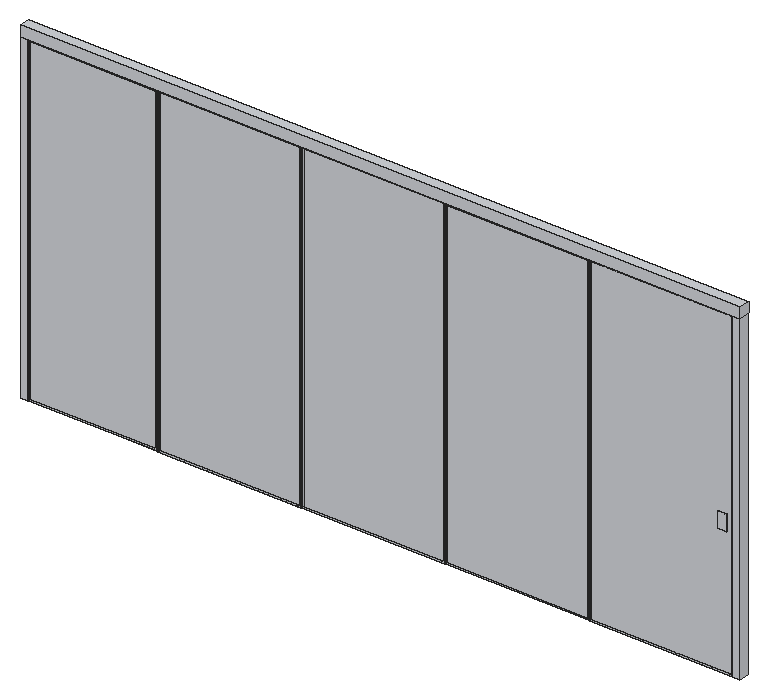
Revit family "WINAB Folding Wall Excentric With Door", category Specialty Equipment, Revit 2019
Family settings
  Round Connector Dimension = Use Diameter
  Part Type = Normal
  Work Plane-Based = No
  Always vertical = Yes
  Cut with Voids When Loaded = No
  Shared = No
  Room Calculation Point = No
Parameters
  Wall Opening Length [instance] = 6000 mm
  Wall Frame = none
  URL = "https://www.winab.se/en/folding-walls-2/"
  Top Frame Height [instance] = 84 mm
  Start Panel Width [instance] = CC Start Panel - 6.5 mm  # 1075.9 mm
  Single Panel [instance] = and(Closed Folding Wall, Panels in Array < 2)  # no
  Show Floor Rail [instance] = Open Folding Wall  # no
  Parked Panels Array Calc [instance] = if(Parked Panels Array < 2, 2, Parked Panels Array)  # 4
  Parked Panels Array [instance] = if(OK Custom Door Panel, [#Panels (Min 3)] - 2, [#Panels (Min 3)] - 1)  # 4
  Parked Custom Door Distance [instance] = Parked Panels Array Calc * 100 mm  # 400 mm
  Parked Custom Door [instance] = and(OK Custom Door Panel, Open Folding Wall)  # no
  Panels in Array [instance] = [#Panels (Min 3)] - 2  # 3
  Panels Calc [instance] = if(Panels in Array < 2, 2, Panels in Array)  # 3
  Panel Width [instance] = CC Panel - 6.5 mm  # 1192.9 mm
  Panel Mtrl Secondary Side = none
  Panel Height [instance] = Folding Wall Height  # 2700 mm
  Panel Frame = none
  Panel Depth [instance] = 80 mm
  Panel Mtrl Primary Side = none
  Open Folding Wall [instance] = no
  OK Custom Door Panel [instance] = and(Door Swing Possible, [Custom Door Panel (Req Odd number panels)])  # no
  Model = "Bottom Roller"
  Manufacturer = "WINAB"  # constant formula
  Jamb Width [instance] = 60 mm  # constant formula
  Even number of Panels [instance] = not(Door Swing Possible)  # no
  Door Swing Possible [instance] = (Panels Calc / 2) - (rounddown(Panels Calc / 2)) > 0  # yes
  Door Handle Mtrl = none
  Custom Door Width (Max 1000 mm) [instance] = 900 mm
  Custom Door Panel (Req Odd number panels) [instance] = no
  Closed Folding Wall [instance] = not(Open Folding Wall)  # yes
  Calc Door Width [instance] = if(OK Custom Door Panel, ([Custom Door Width (Max 1000 mm)] - 6.5 mm), Panel Width)  # 1192.9 mm
  Array Panels [instance] = and(Closed Folding Wall, Panels in Array > 1)  # yes
  CC Start Panel [instance] = CC Panel - 117 mm  # 1082.4 mm
  CC Panel [instance] = if(OK Custom Door Panel, (Folding Wall Length + 117 mm - [Custom Door Width (Max 1000 mm)]) / (Panels in Array + 1), (Folding Wall Length + 117 mm) / (Panels in Array + 2))  # 1199.4 mm
  Folding Wall Length [instance] = Wall Opening Length - (2 * Jamb Width)  # 5880 mm
  Folding Wall Height [instance] = 2700 mm
  Array Length [instance] = if(OK Custom Door Panel, Folding Wall Length + 117 mm - ([Custom Door Width (Max 1000 mm)] + CC Panel), Folding Wall Length + 117 mm - (2 * CC Panel))  # 3598.2 mm
  #Panels (Min 3) [instance] = 5
Reference planes
  plane 1 "Center (Front/Back)": y = 0
  plane 2: z = 0
  plane 3 "Center (Left/Right)": x = 0
  plane 4: x = 1199.4
  plane 5: x = 599.7
  plane 6: x = 1799.1
  plane 7: x = 2398.8
  plane 8: x = -1082.4
  plane 9: x = -541.2
  plane 10: x = 3598.2
  plane 11: x = 4797.6
  plane 12: y = 429
  plane 13 "FWTop": z = 2700
  plane 14: x = 1857.6
  plane 15 "Left": x = -1142.4
  plane 16 "Right": x = 4857.6
  plane 17: x = -942.4
  plane 18: x = -842.4
  plane 19: x = 4197.9
  plane 20: y = -44
  plane 21: y = -1119.9
  plane 22: y = 73
  plane 23: x = -542.4
  plane 24 "Top": z = 2784
  plane 25: y = -44
  plane 26: y = 44
Forms (mm)
  Extrusion 1, solid, material <- "Wall Frame"
    sketch origin (-1142.4, 0, 0) x (0, 1, 0) y (0, 0, 1)
      loop
        line (45, 2784) -> (-45, 2784) -> (-45, 2700) -> (45, 2700) -> (45, 2784)
    from 0 to 6000 <- "Wall Opening Length"
  Sweep 2, solid, material <- "Wall Frame"
    path origin (-50, 0, 0) x (1, 0, 0) y (0, 0, 1)
      loop
        line (-1092.4, 0) -> (-1092.4, 2700)
    profile "WINAB BW End profile : WINAB BW End profile" origin (-1142.4, 0, 1350) x (-1, 0, 0) y (0, -1, 0)
      loop
        line (-60, 44) -> (-60, 13.66) -> (-45, 5) -> (-45, -5) -> (-60, -13.66) -> (-60, -44) -> (0, -44) -> (0, 44) -> (-60, 44)
  Sweep 3, solid, material <- "Wall Frame"
    path origin (3850, 0, 0) x (-1, 0, 0) y (0, 0, 1)
      loop
        line (-1007.6, 0) -> (-1007.6, 2700)
    profile "WINAB BW End profile : WINAB BW End profile" origin (4857.6, 0, 1350) x (-1, 0, 0) y (0, -1, 0)
      loop
        line (60, 44) -> (0, 44) -> (0, -44) -> (60, -44) -> (60, -13.66) -> (45, -5) -> (45, 5) -> (60, 13.66) -> (60, 44)
Lines and regions (mm)
  Masking region 1
    outline origin (0, 0, 2700) x (-1, 0, 0) y (0, -1, 0)
      loop
        line (-4797.6, -44) -> (-4797.6, -13.66) -> (-4812.6, -5) -> (-4812.6, 5) -> (-4797.6, 13.66) -> (-4797.6, 44) -> (-4857.6, 44) -> (-4857.6, -44) -> (-4797.6, -44)
  Masking region 2
    outline origin (3715.2, 0, 2700) x (0, -1, 0) y (1, 0, 0)
      loop
        line (-44, -4797.6) -> (-44, -4857.6) -> (44, -4857.6) -> (44, -4797.6) -> (13.66, -4797.6) -> (5, -4812.6) -> (-5, -4812.6) -> (-13.66, -4797.6) -> (-44, -4797.6)
  symbolic lines, style "WINAB Overhead", visible <- "Open Folding Wall"
    curve 1: line (-1082.4, 48.75, 2700) -> (4797.6, 48.75, 2700)
    curve 2: line (-1082.4, -48.75, 2700) -> (4797.6, -48.75, 2700)
  model lines, style "SpecialityEquipmentHiddenLines", visible <- "Show Floor Rail"
    curve 3: line (-1082.4, 49, 0) -> (4797.6, 49, 0)
    curve 4: line (-1082.4, -49, 0) -> (4797.6, -49, 0)
Dimensions and locks
  equal spacing: plane 3 "Center (Left/Right)", plane 5, plane 4
  "CC Panel": plane 3 "Center (Left/Right)" to plane 4
  equal spacing: plane 4, plane 6, plane 7
  "CC Panel": plane 4 to plane 7
  equal spacing: plane 8, plane 9, plane 3 "Center (Left/Right)"
  "CC Start Panel": plane 8 to plane 3 "Center (Left/Right)"
  "Array Length": plane 3 "Center (Left/Right)" to plane 10
  equal spacing: group 1, group 2, group 5  (x3)
  "Folding Wall Length": plane 8 to plane 11
  equal spacing: group 3, group 4, group 6, group 7  (x3)
  equal spacing: plane 8, plane 14, plane 11
  equal spacing: plane 15 "Left", plane 14, plane 16 "Right"
  "Wall Opening Length": plane 15 "Left" to plane 16 "Right"
  equal spacing: curve 2, plane 1 "Center (Front/Back)", curve 1
  locked: curve 2 to curve 1 at 97.5
  locked: plane 8 to plane 17 at 140
  locked: plane 17 to plane 18 at 100
  equal spacing: plane 10, plane 19, plane 11
  "Folding Wall Height": plane 13 "FWTop" to plane 2
  equal spacing: curve 4, plane 1 "Center (Front/Back)", curve 3
  locked: curve 4 to curve 3 at 98
  locked: plane 20 to plane 1 "Center (Front/Back)" at 44
  "Start Panel Width": plane 20 to plane 21
  "Panel Width": plane 22 to plane 21
  "Parked Custom Door Distance": plane 17 to plane 23
  "Top Frame Height": plane 24 "Top" to plane 13 "FWTop"
  equal spacing: plane 26, plane 1 "Center (Front/Back)", plane 25
  locked: plane 26 to plane 25 at 88
  aligned and locked: level to plane 2
  aligned and locked: plane 5 to nested 1
  aligned and locked: plane 1 "Center (Front/Back)" to nested 1
  aligned and locked: plane 1 "Center (Front/Back)" to nested 2
  aligned and locked: plane 6 to nested 2
  aligned and locked: plane 9 to nested 3
  aligned and locked: plane 1 "Center (Front/Back)" to nested 3
  aligned and locked: plane 5 to nested 4
  aligned and locked: plane 1 "Center (Front/Back)" to nested 4
  aligned and locked: plane 13 "FWTop" to Extrusion 1 sketch curve
  aligned and locked: plane 8 to curve 1
  aligned and locked: Sweep 2 to plane 15 "Left"
  aligned and locked: plane 16 "Right" to Sweep 3
  aligned and locked: plane 11 to curve 1
  aligned and locked: nested 5 to plane 8
  aligned and locked: plane 11 to curve 2
  aligned and locked: nested 6 to plane 17
  aligned and locked: nested 7 to plane 18
  aligned and locked: nested 8 to plane 19
  aligned and locked: plane 1 "Center (Front/Back)" to nested 8
  aligned and locked: plane 8 to curve 4
  aligned and locked: plane 11 to curve 4
  aligned and locked: plane 11 to curve 3
  aligned and locked: plane 8 to curve 3
  aligned and locked: plane 20 to nested 5
  aligned and locked: nested 6 to plane 21
  aligned and locked: nested 7 to plane 21
  aligned and locked: nested 9 to plane 22
  aligned and locked: plane 23 to nested 9
  aligned and locked: Extrusion 1 sketch curve to plane 24 "Top"
  aligned and locked: plane 26 to Masking region 1 sketch curve
  aligned and locked: Masking region 1 sketch curve to plane 25
  aligned and locked: Masking region 1 sketch curve to plane 16 "Right"
  aligned and locked: Masking region 1 sketch curve to plane 11
  aligned and locked: Masking region 1 sketch curve to Sweep 3  (x3)
  aligned and locked: Masking region 2 sketch curve to plane 15 "Left"
  aligned and locked: Masking region 2 sketch curve to plane 8  (x2)
  aligned and locked: plane 25 to Masking region 2 sketch curve
  aligned and locked: plane 26 to Masking region 2 sketch curve
Automatic sketch dimensions
  curve 2 to plane 8 = 0 mm
  Extrusion 1 sketch curve to plane 20 = 1 mm
  Extrusion 1 sketch curve to plane 26 = 1 mm
  Sweep 2 sketch curve to plane 13 "FWTop" = 0 mm
  Sweep 2 sketch curve to plane 15 "Left" = 0 mm
  Sweep 2 sketch curve to level = 0 mm
  Sweep 3 sketch curve to plane 13 "FWTop" = 0 mm
  Sweep 3 sketch curve to plane 16 "Right" = 0 mm
  Sweep 3 sketch curve to level = 0 mm
  Masking region 1 sketch curve to plane 11 = 0 mm
  Masking region 2 sketch curve to plane 1 "Center (Front/Back)" = 13.66 mm
  Masking region 2 sketch curve to plane 1 "Center (Front/Back)" = 5 mm
  plane 1 "Center (Front/Back)" to Masking region 2 sketch curve = 5 mm
  plane 1 "Center (Front/Back)" to Masking region 2 sketch curve = 13.66 mm
  Masking region 2 sketch curve to plane 8 = 15 mm
Nested families
  nested 1: "WINAB Panel Standard" at (599.7, 0, 0), Panel Width <- "Panel Width", Panel Height <- "Panel Height", visible <- "Array Panels", Panel Depth <- "Panel Depth", type "WINAB Panel Standard1"
    with Panel Width 1192.9 mm, Panel Height 2700 mm, Panel Depth 80 mm
  nested 2: "WINAB Panel Standard" at (1799.1, 0, 0), Panel Width <- "Panel Width", Panel Height <- "Panel Height", visible <- "Array Panels", Panel Depth <- "Panel Depth", type "WINAB Panel Standard1"
    with Panel Width 1192.9 mm, Panel Height 2700 mm, Panel Depth 80 mm
  nested 3: "WINAB Panel Standard" at (-541.2, 0, 0), Panel Width <- "Start Panel Width", Panel Height <- "Panel Height", visible <- "Closed Folding Wall", Panel Depth <- "Panel Depth", type "WINAB Panel Standard1"
    with Panel Width 1075.9 mm, Panel Height 2700 mm, Panel Depth 80 mm
  nested 4: "WINAB Panel Standard" at (599.7, 0, 0), visible <- "Single Panel", Panel Width <- "Panel Width", Panel Height <- "Panel Height", Panel Depth <- "Panel Depth", type "WINAB Panel Single"
    with Panel Width 1192.9 mm, Panel Height 2700 mm, Panel Depth 80 mm
  nested 5: "WINAB Panel Standard" at (-1042.4, -581.95, 0) x (0, 1, 0) z (0, 0, 1), Panel Width <- "Start Panel Width", Panel Height <- "Panel Height", visible <- "Open Folding Wall", Panel Depth <- "Panel Depth", type "WINAB Panel Standard1"
    with Panel Width 1075.9 mm, Panel Height 2700 mm, Panel Depth 80 mm
  nested 6: "WINAB Panel Standard" at (-942.4, -523.45, 0) x (0, 1, 0) z (0, 0, 1), Panel Height <- "Panel Height", Panel Width <- "Panel Width", visible <- "Open Folding Wall", Panel Depth <- "Panel Depth", type "WINAB Panel Standard1"
    with Panel Width 1192.9 mm, Panel Height 2700 mm, Panel Depth 80 mm
  nested 7: "WINAB Panel Standard" at (-842.4, -523.45, 0) x (0, 1, 0) z (0, 0, 1), Panel Height <- "Panel Height", Panel Width <- "Panel Width", visible <- "Open Folding Wall", Panel Depth <- "Panel Depth", type "WINAB Panel Standard1"
    with Panel Width 1192.9 mm, Panel Height 2700 mm, Panel Depth 80 mm
  nested 8: "WINAB Folding Wall Excentric Panel Door" at (4197.9, 0, 0), Panel Width <- "Calc Door Width", Panel Depth <- "Panel Depth", Panel Height <- "Panel Height", visible <- "Closed Folding Wall", Flip In Out <- "Even number of Panels", Left <- "Door Swing Possible", type "WINAB Folding Wall Excentric Panel Door"
    with Panel Width 1192.9 mm, Panel Height 2700 mm, Panel Depth 80 mm, Outside Left yes, Outside yes, Left yes, Inside Left no, Inside no, Flip In Out no
  nested 9: "WINAB Panel Standard" at (-542.4, -375, 0) x (0, 1, 0) z (0, 0, 1), visible <- "Parked Custom Door", Panel Height <- "Panel Height", Panel Depth <- "Panel Depth", Panel Width <- "Custom Door Width (Max 1000 mm)", type "WINAB Panel Standard1"
    with Panel Width 900 mm, Panel Height 2700 mm, Panel Depth 80 mm
  nested 10: "WINAB Panel Standard" at (2998.5, 0, 0), Panel Width <- "Panel Width", Panel Height <- "Panel Height", visible <- "Array Panels", Panel Depth <- "Panel Depth", type "WINAB Panel Standard1"
    with Panel Width 1192.9 mm, Panel Height 2700 mm, Panel Depth 80 mm
  nested 11: "WINAB Panel Standard" at (-742.4, -523.45, 0) x (0, 1, 0) z (0, 0, 1), Panel Height <- "Panel Height", Panel Width <- "Panel Width", visible <- "Open Folding Wall", Panel Depth <- "Panel Depth", type "WINAB Panel Standard1"
    with Panel Width 1192.9 mm, Panel Height 2700 mm, Panel Depth 80 mm
  nested 12: "WINAB Panel Standard" at (-642.4, -523.45, 0) x (0, 1, 0) z (0, 0, 1), Panel Height <- "Panel Height", Panel Width <- "Panel Width", visible <- "Open Folding Wall", Panel Depth <- "Panel Depth", type "WINAB Panel Standard1"
    with Panel Width 1192.9 mm, Panel Height 2700 mm, Panel Depth 80 mm
Definition of nested family "WINAB Panel Standard"
  Parameters (values of type "WINAB Panel Standard1")
    Panel Width [instance] = 900 mm
    Panel Mtrl Secondary Side = none
    Panel Mtrl Primary Side = none
    Panel Height [instance] = 2000 mm
    Panel Frame = none
    Panel Depth [instance] = 80 mm
  Types (2): name
    WINAB Panel Single
    WINAB Panel Standard1
  Reference planes
    plane 1 "Center (Front/Back)": y = 0
    plane 2: z = 0
    plane 3 "Center (Left/Right)": x = 0
    plane 4 "Front": y = 40
    plane 5 "Back": y = -40
    plane 6: x = -450
    plane 7: x = 450
    plane 8: z = 2000
    plane 9: y = 38
    plane 10: y = -38
  Forms (mm)
    Sweep 1, solid, material <- "Panel Frame"
      path origin (0, 0, 0) x (1, 0, 0) y (0, 0, 1)
        loop
          line (-450, 2000) -> (-450, 0) -> (450, 0) -> (450, 2000) -> (-450, 2000)
      profile origin (0, 0, 2000) x (0, 0, 1) y (0, -1, 0)
        loop
          line (-10, -40) -> (0, -40) -> (0, 40) -> (-10, 40) -> (-10, 38) -> (-2, 38) -> (-2, -38) -> (-10, -38) -> (-10, -40)
    Extrusion 2, solid, material <- "Panel Mtrl Primary Side"
      sketch origin (0, 0, 0) x (1, 0, 0) y (0, 0, 1)
        loop
          line (-448, 1998) -> (-448, 2) -> (446, 2) -> (446, 1998) -> (-448, 1998)
      from 0 to 38
    Extrusion 3, solid, material <- "Panel Mtrl Secondary Side"
      sketch origin (0, 0, 0) x (1, 0, 0) y (0, 0, 1)
        loop
          line (-448, 1998) -> (-448, 2) -> (446, 2) -> (446, 1998) -> (-448, 1998)
      from -38 to 0
  Lines and regions (mm)
    Masking region 1
      outline origin (0, 0, 0) x (1, 0, 0) y (0, 1, 0)
        loop
          line (-450, 40) -> (-450, -40) -> (450, -40) -> (450, 40) -> (-450, 40)
  Dimensions and locks
    equal spacing: plane 4 "Front", plane 1 "Center (Front/Back)", plane 5 "Back"
    "Panel Depth": plane 4 "Front" to plane 5 "Back"
    equal spacing: plane 6, plane 3 "Center (Left/Right)", plane 7
    "Panel Width": plane 6 to plane 7
    "Panel Height": plane 8 to plane 2
    locked: plane 4 "Front" to plane 9 at 2
    locked: plane 10 to plane 5 "Back" at 2
    aligned and locked: level to plane 2
    aligned and locked: Sweep 1 sketch curve to plane 7
    aligned and locked: plane 2 to Sweep 1 sketch curve
    aligned and locked: plane 6 to Sweep 1 sketch curve
    aligned and locked: Sweep 1 sketch curve to plane 8
    aligned and locked: Sweep 1 sketch curve to plane 4 "Front"
    aligned and locked: plane 5 "Back" to Sweep 1 sketch curve
    aligned and locked: profile plane to Sweep 1 sketch curve
    aligned and locked: Extrusion 2 to plane 1 "Center (Front/Back)"
    aligned and locked: plane 10 to Extrusion 2
    aligned and locked: plane 1 "Center (Front/Back)" to Extrusion 3
    aligned and locked: Extrusion 3 to plane 9
    aligned and locked: plane 5 "Back" to Masking region 1 sketch curve
    aligned and locked: Masking region 1 sketch curve to plane 4 "Front"
    aligned and locked: plane 6 to Masking region 1 sketch curve
    aligned and locked: Masking region 1 sketch curve to plane 7
  Automatic sketch dimensions
    profile plane to Sweep 1 sketch curve = 2 mm
    Sweep 1 sketch curve to Sweep 1 sketch curve = 8 mm  (x2)
    Sweep 1 sketch curve to Sweep 1 sketch curve = 2 mm  (x2)
    plane 6 to Extrusion 2 sketch curve = 2 mm
    level to Extrusion 2 sketch curve = 2 mm
    Extrusion 2 sketch curve to plane 7 = 4 mm
    Extrusion 2 sketch curve to plane 8 = 2 mm
    plane 6 to Extrusion 3 sketch curve = 2 mm
    level to Extrusion 3 sketch curve = 2 mm
    Extrusion 3 sketch curve to plane 7 = 4 mm
    Extrusion 3 sketch curve to plane 8 = 2 mm
Definition of nested family "WINAB Folding Wall Excentric Panel Door"
  Parameters (values of type "WINAB Folding Wall Excentric Panel Door")
    Panel Width [instance] = 1200 mm
    Panel Mtrl Secondary Side = none
    Panel Mtrl Primary Side = none
    Panel Height [instance] = 2700 mm
    Panel Frame = none
    Panel Depth [instance] = 80 mm
    Outside Left [instance] = and(Outside, Left)  # yes
    Outside [instance] = not(Inside)  # yes
    Left [instance] = yes
    Inside Left [instance] = and(Inside, Left)  # no
    Inside [instance] = Flip In Out  # no
    Flip In Out [instance] = no
    Door Handle Mtrl = none
  Reference planes
    plane 1 "Center (Front/Back)": y = 0
    plane 2: z = 0
    plane 3 "Center (Left/Right)": x = 0
    plane 4 "Front": y = 40
    plane 5 "Back": y = -40
    plane 6: x = -600
    plane 7: x = 600
    plane 8: z = 2700
    plane 9: y = 38
    plane 10: y = -38
    plane 11: z = 1350
    plane 12: x = 520
  Forms (mm)
    Sweep 1, solid, material <- "Panel Frame"
      path origin (0, 0, 0) x (1, 0, 0) y (0, 0, 1)
        loop
          line (-600, 2700) -> (-600, 0) -> (600, 0) -> (600, 2700) -> (-600, 2700)
      profile origin (0, 0, 2700) x (0, 0, 1) y (0, -1, 0)
        loop
          line (-10, -40) -> (0, -40) -> (0, 40) -> (-10, 40) -> (-10, 38) -> (-2, 38) -> (-2, -38) -> (-10, -38) -> (-10, -40)
    Extrusion 2, solid, material <- "Panel Mtrl Secondary Side"
      sketch origin (0, 0, 0) x (1, 0, 0) y (0, 0, 1)
        loop
          line (-598, 2698) -> (-598, 2) -> (596, 2) -> (596, 2698) -> (-598, 2698)
      from -38 to 0
    Extrusion 3, solid, material <- "Panel Mtrl Primary Side"
      sketch origin (0, 0, 0) x (1, 0, 0) y (0, 0, 1)
        loop
          line (-598, 2698) -> (-598, 2) -> (596, 2) -> (596, 2698) -> (-598, 2698)
      from 40 to 0
  Lines and regions (mm)
    Masking region 1
      outline origin (0, 0, 0) x (1, 0, 0) y (0, 1, 0)
        loop
          line (-600, 40) -> (-600, -40) -> (600, -40) -> (600, 40) -> (-600, 40)
    symbolic lines, visible <- "Left"
      curve 1: line (-600, 0, 2700) -> (600, 0, 1350)
      curve 2: line (600, 0, 1350) -> (-600, 0, 0)
  Dimensions and locks
    equal spacing: plane 4 "Front", plane 1 "Center (Front/Back)", plane 5 "Back"
    "Panel Depth": plane 4 "Front" to plane 5 "Back"
    equal spacing: plane 6, plane 3 "Center (Left/Right)", plane 7
    "Panel Width": plane 6 to plane 7
    "Panel Height": plane 8 to plane 2
    locked: plane 4 "Front" to plane 9 at 2
    locked: plane 10 to plane 5 "Back" at 2
    equal spacing: plane 8, plane 11, plane 2
    locked: plane 7 to plane 12 at 80
    aligned and locked: level to plane 2
    aligned and locked: Sweep 1 sketch curve to plane 7
    aligned and locked: plane 6 to Sweep 1 sketch curve
    aligned and locked: Sweep 1 sketch curve to plane 8
    aligned and locked: plane 4 "Front" to Sweep 1 sketch curve
    aligned and locked: Sweep 1 sketch curve to plane 5 "Back"
    aligned and locked: profile plane to Sweep 1 sketch curve
    aligned and locked: Extrusion 2 to plane 9
    aligned and locked: nested 1 to plane 3 "Center (Left/Right)"
    aligned and locked: nested 1 to plane 10
    aligned and locked: plane 6 to curve 1
    aligned and locked: plane 11 to curve 2
    aligned and locked: plane 2 to curve 2
    aligned and locked: plane 1 "Center (Front/Back)" to Extrusion 2
    aligned and locked: Extrusion 3 to plane 5 "Back"
    aligned and locked: Extrusion 3 to plane 1 "Center (Front/Back)"
    aligned and locked: plane 12 to nested 2
    aligned and locked: plane 6 to Masking region 1 sketch curve
    aligned and locked: Masking region 1 sketch curve to plane 4 "Front"
    aligned and locked: plane 5 "Back" to Masking region 1 sketch curve
    aligned and locked: Masking region 1 sketch curve to plane 7
  Automatic sketch dimensions
    curve 2 to plane 6 = 0 mm
    curve 2 to plane 7 = 0 mm
    curve 2 to plane 11 = 0 mm
    curve 1 to plane 8 = 0 mm
    Sweep 1 sketch curve to level = 0 mm
    profile plane to Sweep 1 sketch curve = 2 mm
    Sweep 1 sketch curve to Sweep 1 sketch curve = 8 mm  (x2)
    Sweep 1 sketch curve to Sweep 1 sketch curve = 2 mm  (x2)
    plane 6 to Extrusion 2 sketch curve = 2 mm
    level to Extrusion 2 sketch curve = 2 mm
    Extrusion 2 sketch curve to plane 7 = 4 mm
    Extrusion 2 sketch curve to plane 8 = 2 mm
    plane 6 to Extrusion 3 sketch curve = 2 mm
    level to Extrusion 3 sketch curve = 2 mm
    Extrusion 3 sketch curve to plane 7 = 4 mm
    Extrusion 3 sketch curve to plane 8 = 2 mm
  Nested families
    nested 1: "WINAB Door Symbol" at (-600, -38, 0) x (-1, 0, 0) z (0, 0, 1), visible <- "Outside Left", Längd <- "Panel Width", type "WINAB Door Symbol"
      with Längd 1200 mm
    nested 2: "FW Door handle Standard" at (520, 0, 0), Panel Thickness <- "Panel Depth", type "FW Door handle Standard"
      with Panel Thickness 80 mm
  Definition of nested family "FW Door handle Standard"
    Parameters (values of type "FW Door handle Standard")
      Panel Thickness [instance] = 348.835 mm
      Handle Height = 1200 mm
      Door Handle Mtrl = none
    Reference planes
      plane 1 "Center (Front/Back)": y = 0
      plane 2: z = 0
      plane 3 "Center (Left/Right)": x = 0
      plane 4 "Front": y = -174.417
      plane 5 "Back": y = 174.417
      plane 6: x = -35
      plane 7: x = 35
      plane 8: z = 1200
      plane 9: z = 1070
    Forms (mm)
      Extrusion 1, solid, material <- "Door Handle Mtrl"
        sketch origin (0, -174.417, 0) x (-1, 0, 0) y (0, 0, 1)
          loop
            line (35, 1200) -> (-35, 1200) -> (-35, 1070) -> (35, 1070) -> (35, 1200)
        from -5 to 0
      Extrusion 2, solid, material <- "Door Handle Mtrl"
        sketch origin (0, 174.417, 0) x (-1, 0, 0) y (0, 0, 1)
          loop
            line (35, 1200) -> (-35, 1200) -> (-35, 1070) -> (35, 1070) -> (35, 1200)
        from 0 to 5
    Lines and regions (mm)
      Masking region 1
        outline origin (0, 0, 0) x (1, 0, 0) y (0, 0, 1)
          loop
            line (-35, 1200) -> (-35, 1070) -> (35, 1070) -> (35, 1200) -> (-35, 1200)
      model lines
        curve 1: line (-15, -179.417, 1180) -> (15, -179.417, 1180)
        curve 2: line (-15, -179.417, 1090) -> (-15, -179.417, 1180)
        curve 3: line (15, -179.417, 1090) -> (-15, -179.417, 1090)
        curve 4: line (15, -179.417, 1180) -> (15, -179.417, 1090)
        curve 5: line (-15, 179.417, 1180) -> (15, 179.417, 1180)
        curve 6: line (-15, 179.417, 1090) -> (-15, 179.417, 1180)
        curve 7: line (15, 179.417, 1090) -> (-15, 179.417, 1090)
        curve 8: line (15, 179.417, 1180) -> (15, 179.417, 1090)
    Dimensions and locks
      equal spacing: plane 5 "Back", plane 1 "Center (Front/Back)", plane 4 "Front"
      "Panel Thickness": plane 5 "Back" to plane 4 "Front"
      equal spacing: plane 7, plane 3 "Center (Left/Right)", plane 6
      locked: plane 8 to plane 9 at 130
      "Handle Height": plane 8 to plane 2
      aligned and locked: level to plane 2
      aligned and locked: Masking region 1 sketch curve to plane 8
      aligned and locked: plane 6 to Masking region 1 sketch curve
      aligned and locked: plane 9 to Masking region 1 sketch curve
      aligned and locked: Masking region 1 sketch curve to plane 7
      aligned and locked: Extrusion 1 sketch curve to Masking region 1  (x3)
    Automatic sketch dimensions
      Extrusion 1 sketch curve to plane 6 = 0 mm
      Extrusion 1 to curve 1 = 20 mm
      Extrusion 1 to curve 2 = 20 mm  (x2)
      Extrusion 1 to curve 3 = 20 mm
      Extrusion 2 sketch curve to plane 7 = 0 mm
      Extrusion 2 sketch curve to plane 6 = 0 mm
      Extrusion 2 sketch curve to plane 9 = 0 mm
      Extrusion 2 sketch curve to plane 8 = 0 mm
      curve 5 to Extrusion 2 = 20 mm
      curve 6 to Extrusion 2 = 20 mm  (x2)
      curve 7 to Extrusion 2 = 20 mm
  Definition of nested family "WINAB Door Symbol"
    Parameters (values of type "WINAB Door Symbol")
      Längd [instance] = 1000 mm
      Assembly Code = ""
    Reference planes
      plane 1 "Center (Front/Back)": y = 0
      plane 2: z = 0
      plane 3 "Center (Left/Right)": x = 0
      plane 4: y = 1071.358
      plane 5: x = -1000
      plane 6: x = -500
    Lines and regions (mm)
      reference lines, in view "Ref. Level"
        curve 1: line (0, 0, 0) -> (0, 1000, 0)
      detail lines, in view "Ref. Level"
        curve 2: arc (-1000, 0, 0) -> (-707.107, 707.107, 0) -> (0, 1000, 0) r 1000
        curve 3: line (0, 0, 0) -> (0, 1000, 0)
    Dimensions and locks
      "Längd": plane 5 to plane 3 "Center (Left/Right)"
      equal spacing: plane 5, plane 6, plane 3 "Center (Left/Right)"
      locked: curve 1 to plane 1 "Center (Front/Back)" (angle 90.00°)
      aligned and locked: plane 1 "Center (Front/Back)" to curve 1
      aligned and locked: plane 1 "Center (Front/Back)" to curve 2
      aligned and locked: curve 1 to curve 2
      aligned and locked: curve 3 to curve 1
    Automatic sketch dimensions
      curve 1 to plane 3 "Center (Left/Right)" = 0 mm
      curve 2 to plane 5 = 0 mm
      curve 2 to plane 3 "Center (Left/Right)" = 0 mm
      curve 3 to plane 3 "Center (Left/Right)" = 0 mm
